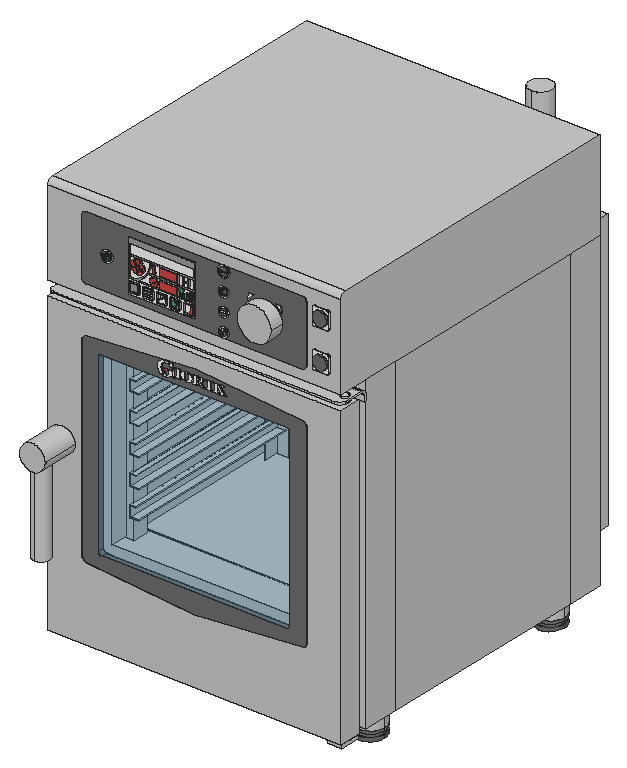
Revit family "QF_GIORIK_KH0623_KT0623_KP0623_KH0623W_KT0623W_KP0623W", category Specialty Equipment, Revit 2014
Parameters (values of type "KH0623")
  Weight in Pounds = 169.756
  Watts = 5700 W
  Waste Water Discharge Temperature = 0 °C
  Volts = 400 V
  URL Cutsheet = ""
  URL = "www.giorik.com"
  Show Legs [instance] = yes
  Plumbing Remarks [instance] = ""
  Plumbing Connection Type [instance] = ""
  Legs height [instance] = if(Show Legs, 55 mm, 0 mm)  # 55 mm
  Indirect Waste Size = 1 1/2"
  Indirect Waste Flow = 0.0 L/s
  Indirect Waste Connection Type [instance] = ""
  Indirect Waste Connection Height = 89 mm
  Digital control = no
  Touch screen control = not(Digital control)  # yes
  Status [instance] = ""
  Specification by User [instance] = ""
  Specification by Manufacturer = ""
  Serial Number = ""
  Seismic Rating = ""
  SMACNA No = ""
  Right Hinged Door [instance] = yes
  Revision Code [instance] = ""
  Phase = 3
  Number of Poles [instance] = 3
  Left Hinged Door [instance] = not(Right Hinged Door)  # no
  NAFEM Spec ID Number = ""
  Model = "KH0623"
  Min Ckt Ampacity = 0 A
  Max Overcurrent Protection = 20 A
  Masterspec = ""
  Manufacturer = "GIORIK"
  Show Logo [instance] = yes
  Show Clearance [instance] = yes
  Item Number [instance] = ""
  Installed By [instance] = ""
  Identify Quantity as Lot [instance] = no
  HP = "0"
  Furnished By [instance] = ""
  Foodservice Equipment Identifier [instance] = yes
  FL Amps = 0 A
  Electrical Remarks [instance] = ""
  Electric Connection Type [instance] = ""
  Elec Conn RI Height [instance] = 0 mm
  Elec Conn Connection Height [instance] = 649 mm
  Description = "ELECTRIC OVEN 6 GN 2/3 COMBINED CONVECTION/STEAM TOUCH SCREEN CONTROL - HIGH EFFICIENCY BOILER VERSION"
  Cycle = 50 Hz
  Conn Plug = ""
  Conn Conduit [instance] = no
  Cold Water Temperature Recommended = 0 °C
  Cold Water Size = 3/4"
  Cold Water RI Height [instance] = 0 mm
  Cold Water Minimum Pressure [instance] = 150.0 kPa
  Cold Water Maximum Pressure [instance] = 600.0 kPa
  Cold Water Flow [instance] = 0.0 L/s
  Cold Water Consumption [instance] = ""
  Cold Water Connection Height = 98 mm
  CSI MasterFormat = ""
  Assembly Code = "E1090320"
  Apparent Power = 5700 VA
Reference planes
  plane 1 "Back": y = 0
  plane 2: z = 0
  plane 3 "Left": x = 0
  plane 4 "Right": x = 519
  plane 5 "Front": y = -628
  plane 6 "Top": z = 770
  plane 7 "Legs height": z = 55
  plane 8 "Front oven": y = -573
Forms (mm)
  Extrusion 1, solid
    sketch origin (0, 0, 0) x (1, 0, 0) y (0, 0, 1)
      loop
        line (0, 55) -> (519, 55) -> (519, 610) -> (0, 610) -> (0, 55)
    from 120 to 508
  Extrusion 2, solid
    sketch origin (0, -628, 0) x (-1, 0, 0) y (0, 0, 1)
      loop
        line (-519, 585) -> (-519, 55) -> (0, 55) -> (0, 585) -> (-519, 585)
      loop
        line (-60, 195.46) -> (-60, 534.54)
        arc (-60, 534.54) -> (-62.377, 541.012) -> (-68.379, 544.407) r 10
        arc (-68.379, 544.407) -> (-259.5, 560) -> (-450.621, 544.407) r 1179.096
        arc (-450.621, 544.407) -> (-456.623, 541.012) -> (-459, 534.54) r 10
        line (-459, 534.54) -> (-459, 195.46)
        arc (-459, 195.46) -> (-456.623, 188.988) -> (-450.621, 185.593) r 10
        arc (-450.621, 185.593) -> (-259.5, 170) -> (-68.379, 185.593) r 1179.096
        arc (-68.379, 185.593) -> (-62.377, 188.988) -> (-60, 195.46) r 10
    from 0 to 40
  Extrusion 3, solid, visible <- "Right Hinged Door"
    sketch origin (-275, -628, 80) x (-1, 0, 0) y (0, 0, 1)
      loop
        circle (-300, 285) r 22.5
    from 0 to -65
  Extrusion 4, solid
    sketch origin (0, -628, 0) x (-1, 0, 0) y (0, 0, 1)
      loop
        line (-96, 525) -> (-423, 525)
        arc (-423, 525) -> (-427.243, 523.243) -> (-429, 519) r 6
        line (-429, 519) -> (-429, 211)
        arc (-429, 211) -> (-427.243, 206.757) -> (-423, 205) r 6
        line (-423, 205) -> (-96, 205)
        arc (-96, 205) -> (-91.757, 206.757) -> (-90, 211) r 6
        line (-90, 211) -> (-90, 519)
        arc (-90, 519) -> (-91.757, 523.243) -> (-96, 525) r 6
    from 0 to 10
  Extrusion 5, solid
    sketch origin (0, 0, 770) x (0, 1, 0) y (-1, 0, 0)
      loop
        line (-542, -70.5) -> (-530, -70.5) -> (-530, -69.5) -> (-543, -69.5) -> (-543, -85) -> (-516, -85) -> (-516, -84) -> (-542, -84) -> (-542, -70.5)
      loop
        line (-227, -105.5) -> (-227, -84) -> (-252, -84) -> (-252, -85) -> (-228, -85) -> (-228, -106.5) -> (-220, -106.5) -> (-220, -105.5) -> (-227, -105.5)
      loop
        line (-542, -448.5) -> (-542, -435) -> (-516, -435) -> (-516, -434) -> (-543, -434) -> (-543, -449.5) -> (-530, -449.5) -> (-530, -448.5) -> (-542, -448.5)
      loop
        line (-227, -413.5) -> (-220, -413.5) -> (-220, -412.5) -> (-228, -412.5) -> (-228, -434) -> (-252, -434) -> (-252, -435) -> (-227, -435) -> (-227, -413.5)
    from -211 to -581
  Extrusion 6, solid
    sketch origin (0, -573, 0) x (-1, 0, 0) y (0, 0, 1)
      loop
        line (-101, 231) -> (-101, 230) -> (-85, 230) -> (-85, 250) -> (-95, 250) -> (-95, 249) -> (-86, 249) -> (-86, 231) -> (-101, 231)
      loop
        line (-418, 231) -> (-433, 231) -> (-433, 249) -> (-424, 249) -> (-424, 250) -> (-434, 250) -> (-434, 230) -> (-418, 230) -> (-418, 231)
      loop
        line (-101, 281) -> (-101, 280) -> (-85, 280) -> (-85, 300) -> (-95, 300) -> (-95, 299) -> (-86, 299) -> (-86, 281) -> (-101, 281)
      loop
        line (-418, 281) -> (-433, 281) -> (-433, 299) -> (-424, 299) -> (-424, 300) -> (-434, 300) -> (-434, 280) -> (-418, 280) -> (-418, 281)
      loop
        line (-101, 331) -> (-101, 330) -> (-85, 330) -> (-85, 350) -> (-95, 350) -> (-95, 349) -> (-86, 349) -> (-86, 331) -> (-101, 331)
      loop
        line (-418, 331) -> (-433, 331) -> (-433, 349) -> (-424, 349) -> (-424, 350) -> (-434, 350) -> (-434, 330) -> (-418, 330) -> (-418, 331)
      loop
        line (-101, 381) -> (-101, 380) -> (-85, 380) -> (-85, 400) -> (-95, 400) -> (-95, 399) -> (-86, 399) -> (-86, 381) -> (-101, 381)
      loop
        line (-418, 381) -> (-433, 381) -> (-433, 399) -> (-424, 399) -> (-424, 400) -> (-434, 400) -> (-434, 380) -> (-418, 380) -> (-418, 381)
      loop
        line (-101, 431) -> (-101, 430) -> (-85, 430) -> (-85, 450) -> (-95, 450) -> (-95, 449) -> (-86, 449) -> (-86, 431) -> (-101, 431)
      loop
        line (-418, 431) -> (-433, 431) -> (-433, 449) -> (-424, 449) -> (-424, 450) -> (-434, 450) -> (-434, 430) -> (-418, 430) -> (-418, 431)
      loop
        line (-101, 481) -> (-101, 480) -> (-85, 480) -> (-85, 500) -> (-95, 500) -> (-95, 499) -> (-86, 499) -> (-86, 481) -> (-101, 481)
      loop
        line (-418, 481) -> (-433, 481) -> (-433, 499) -> (-424, 499) -> (-424, 500) -> (-434, 500) -> (-434, 480) -> (-418, 480) -> (-418, 481)
    from 20 to 345
  Extrusion 7, solid, visible <- "Show Clearance", detail levels coarse
    sketch origin (430, -505, 0) x (1, 0, 0) y (0, 1, 0)
      loop
        line (-430, -123) -> (-430, 505) -> (89, 505) -> (89, -123) -> (189, -123) -> (189, 605) -> (-530, 605) -> (-530, -123) -> (-430, -123)
    from 0 to 770
  Extrusion 8, solid, visible <- "Right Hinged Door", detail levels coarse
    sketch origin (0, 167, 55) x (0, 1, 0) y (-1, 0, 0)
      loop
        line (-795, -519) -> (-795, 0)
        arc (-795, 0) -> (-1150.31, -135.689) -> (-1314, -479) r 512
        line (-1314, -479) -> (-1314, -519) -> (-795, -519)
    from 0 to 530
  Extrusion 9, solid
    sketch origin (0, -628, 0) x (-1, 0, 0) y (0, 0, 1)
      loop
        arc (-450.621, 544.407) -> (-456.623, 541.012) -> (-459, 534.54) r 10
        line (-459, 534.54) -> (-459, 195.46)
        arc (-459, 195.46) -> (-456.623, 188.988) -> (-450.621, 185.593) r 10
        arc (-450.621, 185.593) -> (-259.5, 170) -> (-68.379, 185.593) r 1179.096
        arc (-68.379, 185.593) -> (-62.377, 188.988) -> (-60, 195.46) r 10
        line (-60, 195.46) -> (-60, 534.54)
        arc (-60, 534.54) -> (-62.377, 541.012) -> (-68.379, 544.407) r 10
        arc (-68.379, 544.407) -> (-259.5, 560) -> (-450.621, 544.407) r 1179.096
      loop
        arc (-90, 519) -> (-91.757, 523.243) -> (-96, 525) r 6
        line (-96, 525) -> (-423, 525)
        arc (-423, 525) -> (-427.243, 523.243) -> (-429, 519) r 6
        line (-429, 519) -> (-429, 211)
        arc (-429, 211) -> (-427.243, 206.757) -> (-423, 205) r 6
        line (-423, 205) -> (-96, 205)
        arc (-96, 205) -> (-91.757, 206.757) -> (-90, 211) r 6
        line (-90, 211) -> (-90, 519)
    from 0 to 10
  Extrusion 10, solid, visible <- "Right Hinged Door"
    sketch origin (-275, 167, 770) x (0, 1, 0) y (-1, 0, 0)
      loop
        circle (-841, -300) r 15
    from -570 to -405
  Extrusion 11, solid
    sketch origin (175, 182, 55) x (0, 1, 0) y (-1, 0, 0)
      loop
        circle (-203, -125) r 9.55
    from 60 to 34
  Extrusion 12, void
    sketch origin (-1000, 0, 0) x (1, 0, 0) y (0, 0, 1)
      loop
        line (1069.5, 559) -> (1069.5, 189) -> (1449.5, 189) -> (1449.5, 559) -> (1069.5, 559)
    from 208 to 573
  Extrusion 13, solid
    sketch origin (356.5, 0, -1) x (1, 0, 0) y (0, 0, 1)
      loop
        circle (80.5, 90) r 19.05
    from 45 to 55
  Extrusion 14, solid
    sketch origin (519, 167, -185) x (0, -1, 0) y (0, 0, 1)
      loop
        arc (748.5, 780.001) -> (742.49, 777.511) -> (740, 771.501) r 8.5
        line (740, 771.501) -> (740, 761) -> (743, 761) -> (743, 771.501)
        arc (743, 771.501) -> (744.611, 775.39) -> (748.5, 777.001) r 5.5
        line (748.5, 777.001) -> (748.5, 780.001)
    from 0 to 519
  Extrusion 15, solid
    sketch origin (0, 175, 770) x (0, 1, 0) y (-1, 0, 0)
      loop
        line (-756.5, 0) -> (-793, 0)
        arc (-793, 0) -> (-800.071, -2.929) -> (-803, -10) r 10
        line (-803, -10) -> (-803, -509)
        arc (-803, -509) -> (-800.071, -516.071) -> (-793, -519) r 10
        line (-793, -519) -> (-756.5, -519) -> (-756.5, 0)
    from -178 to -175
  Extrusion 16, solid, visible <- "Touch screen control"
    sketch origin (-500, -628, -40) x (-1, 0, 0) y (0, 0, 1)
      loop
        line (-604.2, 732.451) -> (-605.8, 732.451) -> (-605.8, 725) -> (-604.2, 725) -> (-604.2, 732.451)
      loop
        line (-606.5, 731.325) -> (-606.5, 729.77)
        arc (-606.5, 729.77) -> (-605, 720) -> (-603.5, 729.77) r 5
        line (-603.5, 729.77) -> (-603.5, 731.325)
        arc (-603.5, 731.325) -> (-605, 718.5) -> (-606.5, 731.325) r 6.5
      loop
        circle (-725.279, 691.84) r 4.5
      loop
        line (-758.755, 720.908) -> (-758.755, 707.352) -> (-756.151, 707.352) -> (-756.151, 720.908) -> (-758.755, 720.908)
      loop
        line (-754.755, 718.908) -> (-754.755, 707.352) -> (-752.151, 707.352) -> (-752.151, 718.908) -> (-754.755, 718.908)
      loop
        line (-750.755, 716.908) -> (-750.755, 707.352) -> (-748.151, 707.352) -> (-748.151, 716.908) -> (-750.755, 716.908)
      loop
        line (-746.755, 714.908) -> (-746.755, 707.352) -> (-744.151, 707.352) -> (-744.151, 714.908) -> (-746.755, 714.908)
      loop
        line (-742.755, 712.908) -> (-742.755, 707.352) -> (-740.151, 707.352) -> (-740.151, 712.908) -> (-742.755, 712.908)
      loop
        line (-738.755, 710.908) -> (-738.755, 707.352) -> (-736.151, 707.352) -> (-736.151, 710.908) -> (-738.755, 710.908)
      loop
        circle (-738.173, 718.223) r 4
    from 0 to -2
  Extrusion 17, solid, visible <- "Touch screen control"
    sketch origin (-500, -628, -35) x (-1, 0, 0) y (0, 0, 1)
      loop
        arc (-690.938, 726.13) -> (-689.438, 721.413) -> (-687.938, 726.13) r 2.597
        line (-687.938, 726.13) -> (-687.938, 733.989)
        arc (-687.938, 733.989) -> (-689.438, 735.489) -> (-690.938, 733.989) r 1.5
        line (-690.938, 733.989) -> (-690.938, 726.13)
      loop
        line (-700.102, 734.432) -> (-730.102, 734.432) -> (-730.102, 721.873) -> (-700.102, 721.873) -> (-700.102, 734.432)
      loop
        line (-700.102, 714.432) -> (-730.102, 714.432) -> (-730.102, 701.873) -> (-700.102, 701.873) -> (-700.102, 714.432)
      loop
        circle (-689.163, 708.706) r 7
      loop
        circle (-660.557, 722.463) r 2.5
      loop
        line (-659.449, 725.572) -> (-656.829, 731.19) -> (-658.704, 734.438)
        arc (-658.704, 734.438) -> (-664.206, 734.155) -> (-668.842, 731.18) r 10.731
        line (-668.842, 731.18) -> (-664.348, 731.18) -> (-661.824, 725.511)
        arc (-661.824, 725.511) -> (-660.642, 725.762) -> (-659.449, 725.572) r 3.3
      loop
        line (-663.171, 724.478) -> (-667.705, 728.706) -> (-671.373, 727.926)
        arc (-671.373, 727.926) -> (-672.804, 722.606) -> (-671.407, 717.277) r 10.731
        line (-671.407, 717.277) -> (-670.018, 721.551) -> (-663.846, 722.2)
        arc (-663.846, 722.2) -> (-663.721, 723.402) -> (-663.171, 724.478) r 3.3
      loop
        line (-657.258, 722.37) -> (-651.105, 721.615) -> (-648.595, 724.401)
        arc (-648.595, 724.401) -> (-650.565, 729.547) -> (-654.827, 733.037) r 10.731
        line (-654.827, 733.037) -> (-653.438, 728.762) -> (-658.05, 724.61)
        arc (-658.05, 724.61) -> (-657.445, 723.564) -> (-657.258, 722.37) r 3.3
      loop
        line (-663.28, 720.599) -> (-668.702, 717.594) -> (-669.094, 713.864)
        arc (-669.094, 713.864) -> (-664.477, 710.859) -> (-658.977, 710.541) r 10.731
        line (-658.977, 710.541) -> (-662.613, 713.183) -> (-661.323, 719.253)
        arc (-661.323, 719.253) -> (-662.427, 719.744) -> (-663.28, 720.599) r 3.3
      loop
        line (-659.626, 719.297) -> (-658.443, 713.212) -> (-655.017, 711.686)
        arc (-655.017, 711.686) -> (-650.732, 715.149) -> (-648.73, 720.282) r 10.731
        line (-648.73, 720.282) -> (-652.366, 717.64) -> (-657.741, 720.742)
        arc (-657.741, 720.742) -> (-658.549, 719.844) -> (-659.626, 719.297) r 3.3
      loop
        line (-687.655, 707.008) -> (-689.17, 708.279) -> (-684.047, 711.735) -> (-684.733, 712.752) -> (-690.148, 709.1) -> (-693.772, 712.14) -> (-694.56, 711.2) -> (-691.206, 708.386) -> (-692.349, 707.615) -> (-691.663, 706.598) -> (-690.228, 707.565) -> (-688.443, 706.068) -> (-687.655, 707.008)
      loop
        arc (-757.5, 684.717) -> (-756, 680) -> (-754.5, 684.717) r 2.597
        line (-754.5, 684.717) -> (-754.5, 692.576)
        arc (-754.5, 692.576) -> (-756, 694.076) -> (-757.5, 692.576) r 1.5
        line (-757.5, 692.576) -> (-757.5, 684.717)
    from 0 to -2
  Extrusion 18, solid, visible <- "Right Hinged Door"
    sketch origin (-341, 167, 55) x (0, 1, 0) y (-1, 0, 0)
      loop
        line (-791.5, -859) -> (-756.5, -859) -> (-744, -841) -> (-684, -841) -> (-684, -829)
        arc (-684, -829) -> (-692.752, -810) -> (-684, -791) r 25
        line (-684, -791) -> (-684, -781) -> (-738.5, -781) -> (-791.5, -834) -> (-791.5, -859)
    from -3 to -8
  Revolve 19, solid, visible <- "Right Hinged Door"
    sketch origin (-341, -606, -185) x (-1, 0, 0) y (0, 0, 1)
      loop
        line (-848.5, 785.401) -> (-848.5, 770) -> (-842.5, 770) -> (-842.5, 774.5) -> (-839, 774.5) -> (-839, 777) -> (-841.5, 777) -> (-841.5, 781.5) -> (-845, 785.401) -> (-848.5, 785.401)
      axis (-848.5, 785.401) -> (-848.5, 770)
    angle from 0 to 360
  Revolve 20, solid, visible <- "Right Hinged Door"
    sketch origin (-341, -606, 0) x (-1, 0, 0) y (0, 0, 1)
      loop
        line (-848.5, 41.599) -> (-845, 41.599) -> (-841.5, 45.5) -> (-841.5, 52.5) -> (-838, 52.5) -> (-838, 55) -> (-848.5, 55) -> (-848.5, 41.599)
      axis (-848.5, 41.599) -> (-848.5, 55)
    angle from 0 to 360
  Extrusion 21, solid, visible <- "Left Hinged Door"
    sketch origin (794, -628, 80) x (1, 0, 0) y (0, 0, -1)
      loop
        circle (-300, -285) r 22.5
    from 0 to -65
  Extrusion 22, solid, visible <- "Left Hinged Door", detail levels coarse
    sketch origin (1135, 167, 55) x (0, 1, 0) y (-1, 0, 0)
      loop
        line (-795, 1135) -> (-1314, 1135) -> (-1314, 1095)
        arc (-1314, 1095) -> (-1150.31, 751.689) -> (-795, 616) r 512
        line (-795, 616) -> (-795, 1135)
    from 0 to 530
  Extrusion 23, solid, visible <- "Left Hinged Door"
    sketch origin (794, 167, 770) x (0, 1, 0) y (-1, 0, 0)
      loop
        circle (-841, 300) r 15
    from -570 to -405
  Revolve 24, solid, visible <- "Left Hinged Door"
    sketch origin (860, -606, 0) x (1, 0, 0) y (0, 0, -1)
      loop
        line (-848.5, -41.599) -> (-848.5, -55) -> (-838, -55) -> (-838, -52.5) -> (-841.5, -52.5) -> (-841.5, -45.5) -> (-845, -41.599) -> (-848.5, -41.599)
      axis (-848.5, -41.599) -> (-848.5, -55)
    angle from 0 to 360
  Extrusion 25, solid, visible <- "Touch screen control"
    sketch origin (-500, -628, -50) x (-1, 0, 0) y (0, 0, 1)
      loop
        circle (-605, 735) r 10
      loop
        circle (-605, 735) r 8.5
      loop
        circle (-812, 783) r 10
      loop
        circle (-812, 783) r 8.5
      loop
        circle (-812, 751) r 8.5
      loop
        circle (-812, 751) r 7
      loop
        circle (-812, 719) r 8.5
      loop
        circle (-812, 719) r 7
      loop
        circle (-812, 687) r 8.5
      loop
        circle (-812, 687) r 7
      loop
        line (-645, 690) -> (-645, 780) -> (-761, 780) -> (-761, 690) -> (-645, 690)
      loop
        line (-818.5, 782.5) -> (-805.5, 782.5) -> (-805.5, 783.5) -> (-818.5, 783.5) -> (-818.5, 782.5)
      loop
        line (-854.895, 753.105) -> (-856.495, 764.486) -> (-865.962, 764.486)
        arc (-865.962, 764.486) -> (-859.858, 759.35) -> (-854.895, 753.105) r 40
      loop
        arc (-811, 687.209) -> (-812, 692) -> (-813, 687.209) r 2.5
        line (-813, 687.209) -> (-813, 684)
        arc (-813, 684) -> (-812, 683) -> (-811, 684) r 1
        line (-811, 684) -> (-811, 687.209)
      loop
        arc (-915.105, 753.105) -> (-910.142, 759.35) -> (-904.038, 764.486) r 40
        line (-904.038, 764.486) -> (-913.505, 764.486) -> (-915.105, 753.105)
      loop
        line (-807, 720.427) -> (-817, 720.427) -> (-817, 717.547) -> (-807, 717.547) -> (-807, 720.427)
      loop
        line (-815.767, 746.618) -> (-807.756, 746.618) -> (-807.756, 755.305) -> (-809.708, 755.305) -> (-809.708, 756.559) -> (-812.516, 754.805) -> (-809.708, 753.051) -> (-809.708, 754.305) -> (-808.756, 754.305) -> (-808.756, 747.618) -> (-815.767, 747.618) -> (-815.767, 746.618)
    from 0.5 to -1.5
  Extrusion 26, solid, visible <- "Touch screen control"
    sketch origin (-500, -628, -68) x (-1, 0, 0) y (0, 0, 1)
      loop
        line (-645, 798) -> (-761, 798) -> (-761, 788) -> (-761, 733) -> (-645, 733) -> (-645, 788) -> (-645, 798)
      loop
        line (-760, 788) -> (-760, 771.245) -> (-646, 771.245) -> (-646, 788) -> (-760, 788)
      loop
        line (-649, 729) -> (-661, 729)
        arc (-661, 729) -> (-663.121, 728.121) -> (-664, 726) r 3
        line (-664, 726) -> (-664, 714)
        arc (-664, 714) -> (-663.121, 711.879) -> (-661, 711) r 3
        line (-661, 711) -> (-649, 711)
        arc (-649, 711) -> (-646.879, 711.879) -> (-646, 714) r 3
        line (-646, 714) -> (-646, 726)
        arc (-646, 726) -> (-646.879, 728.121) -> (-649, 729) r 3
      loop
        line (-649, 728) -> (-661, 728)
        arc (-661, 728) -> (-662.414, 727.414) -> (-663, 726) r 2
        line (-663, 726) -> (-663, 714)
        arc (-663, 714) -> (-662.414, 712.586) -> (-661, 712) r 2
        line (-661, 712) -> (-649, 712)
        arc (-649, 712) -> (-647.586, 712.586) -> (-647, 714) r 2
        line (-647, 714) -> (-647, 726)
        arc (-647, 726) -> (-647.586, 727.414) -> (-649, 728) r 2
      loop
        line (-673, 729) -> (-685, 729)
        arc (-685, 729) -> (-687.121, 728.121) -> (-688, 726) r 3
        line (-688, 726) -> (-688, 714)
        arc (-688, 714) -> (-687.121, 711.879) -> (-685, 711) r 3
        line (-685, 711) -> (-673, 711)
        arc (-673, 711) -> (-670.879, 711.879) -> (-670, 714) r 3
        line (-670, 714) -> (-670, 726)
        arc (-670, 726) -> (-670.879, 728.121) -> (-673, 729) r 3
      loop
        line (-673, 728) -> (-685, 728)
        arc (-685, 728) -> (-686.414, 727.414) -> (-687, 726) r 2
        line (-687, 726) -> (-687, 714)
        arc (-687, 714) -> (-686.414, 712.586) -> (-685, 712) r 2
        line (-685, 712) -> (-673, 712)
        arc (-673, 712) -> (-671.586, 712.586) -> (-671, 714) r 2
        line (-671, 714) -> (-671, 726)
        arc (-671, 726) -> (-671.586, 727.414) -> (-673, 728) r 2
      loop
        line (-697, 729) -> (-709, 729)
        arc (-709, 729) -> (-711.121, 728.121) -> (-712, 726) r 3
        line (-712, 726) -> (-712, 714)
        arc (-712, 714) -> (-711.121, 711.879) -> (-709, 711) r 3
        line (-709, 711) -> (-697, 711)
        arc (-697, 711) -> (-694.879, 711.879) -> (-694, 714) r 3
        line (-694, 714) -> (-694, 726)
        arc (-694, 726) -> (-694.879, 728.121) -> (-697, 729) r 3
      loop
        line (-697, 728) -> (-709, 728)
        arc (-709, 728) -> (-710.414, 727.414) -> (-711, 726) r 2
        line (-711, 726) -> (-711, 714)
        arc (-711, 714) -> (-710.414, 712.586) -> (-709, 712) r 2
        line (-709, 712) -> (-697, 712)
        arc (-697, 712) -> (-695.586, 712.586) -> (-695, 714) r 2
        line (-695, 714) -> (-695, 726)
        arc (-695, 726) -> (-695.586, 727.414) -> (-697, 728) r 2
      loop
        line (-721, 729) -> (-733, 729)
        arc (-733, 729) -> (-735.121, 728.121) -> (-736, 726) r 3
        line (-736, 726) -> (-736, 714)
        arc (-736, 714) -> (-735.121, 711.879) -> (-733, 711) r 3
        line (-733, 711) -> (-721, 711)
        arc (-721, 711) -> (-718.879, 711.879) -> (-718, 714) r 3
        line (-718, 714) -> (-718, 726)
        arc (-718, 726) -> (-718.879, 728.121) -> (-721, 729) r 3
      loop
        line (-721, 728) -> (-733, 728)
        arc (-733, 728) -> (-734.414, 727.414) -> (-735, 726) r 2
        line (-735, 726) -> (-735, 714)
        arc (-735, 714) -> (-734.414, 712.586) -> (-733, 712) r 2
        line (-733, 712) -> (-721, 712)
        arc (-721, 712) -> (-719.586, 712.586) -> (-719, 714) r 2
        line (-719, 714) -> (-719, 726)
        arc (-719, 726) -> (-719.586, 727.414) -> (-721, 728) r 2
      loop
        line (-745, 729) -> (-757, 729)
        arc (-757, 729) -> (-759.121, 728.121) -> (-760, 726) r 3
        line (-760, 726) -> (-760, 714)
        arc (-760, 714) -> (-759.121, 711.879) -> (-757, 711) r 3
        line (-757, 711) -> (-745, 711)
        arc (-745, 711) -> (-742.879, 711.879) -> (-742, 714) r 3
        line (-742, 714) -> (-742, 726)
        arc (-742, 726) -> (-742.879, 728.121) -> (-745, 729) r 3
      loop
        line (-745, 728) -> (-757, 728)
        arc (-757, 728) -> (-758.414, 727.414) -> (-759, 726) r 2
        line (-759, 726) -> (-759, 714)
        arc (-759, 714) -> (-758.414, 712.586) -> (-757, 712) r 2
        line (-757, 712) -> (-745, 712)
        arc (-745, 712) -> (-743.586, 712.586) -> (-743, 714) r 2
        line (-743, 714) -> (-743, 726)
        arc (-743, 726) -> (-743.586, 727.414) -> (-745, 728) r 2
      loop
        line (-760, 734) -> (-732.283, 734) -> (-732.283, 751.245) -> (-760, 751.245) -> (-760, 734)
      loop
        line (-646, 734) -> (-646, 770.245) -> (-683.232, 770.245)
        arc (-683.232, 770.245) -> (-674.645, 747.082) -> (-653.689, 734) r 38.245
        line (-653.689, 734) -> (-646, 734)
      loop
        arc (-679.339, 752.245) -> (-682.871, 760.95) -> (-684.233, 770.245) r 39.245
        line (-684.233, 770.245) -> (-731.283, 770.245) -> (-731.283, 752.245) -> (-679.339, 752.245)
      loop
        line (-678.767, 751.245) -> (-731.283, 751.245) -> (-731.283, 734) -> (-657.369, 734)
        arc (-657.369, 734) -> (-669.627, 740.688) -> (-678.767, 751.245) r 39.245
      loop
        line (-760, 752.245) -> (-732.283, 752.245) -> (-732.283, 770.245) -> (-760, 770.245) -> (-760, 752.245)
      loop
        line (-697.094, 717.465) -> (-701.225, 721.596)
        arc (-701.225, 721.596) -> (-702.562, 724.46) -> (-705.585, 725.385) r 3.889
        line (-705.585, 725.385) -> (-708.039, 725.385)
        arc (-708.039, 725.385) -> (-709.54, 723.884) -> (-708.039, 722.384) r 1.501
        line (-708.039, 722.384) -> (-706.381, 722.384)
        arc (-706.381, 722.384) -> (-704.72, 720.777) -> (-702.444, 720.377) r 3.942
        line (-702.444, 720.377) -> (-698.312, 716.246)
        arc (-698.312, 716.246) -> (-697.094, 716.246) -> (-697.094, 717.465) r 0.862
      loop
        line (-683.054, 726.463) -> (-683.054, 723.694) -> (-671.81, 723.694) -> (-671.81, 726.463) -> (-683.054, 726.463)
      loop
        line (-683.054, 721.811) -> (-683.054, 719.042) -> (-671.81, 719.042) -> (-671.81, 721.811) -> (-683.054, 721.811)
      loop
        line (-683.054, 716.811) -> (-683.054, 714.042) -> (-671.81, 714.042) -> (-671.81, 716.811) -> (-683.054, 716.811)
      loop
        line (-649, 726) -> (-661, 726) -> (-661, 714) -> (-649, 714) -> (-649, 726)
      loop
        line (-754.5, 717.717) -> (-754.5, 725.576)
        arc (-754.5, 725.576) -> (-756, 727.076) -> (-757.5, 725.576) r 1.5
        line (-757.5, 725.576) -> (-757.5, 717.717)
        arc (-757.5, 717.717) -> (-756, 713) -> (-754.5, 717.717) r 2.597
      loop
        line (-731.081, 717.297) -> (-731.081, 723.597)
        arc (-731.081, 723.597) -> (-732.283, 724.8) -> (-733.486, 723.597) r 1.202
        line (-733.486, 723.597) -> (-733.486, 717.297)
        arc (-733.486, 717.297) -> (-732.283, 713.515) -> (-731.081, 717.297) r 2.082
      loop
        line (-742.163, 767.702) -> (-742.163, 762.021) -> (-750.12, 762.021) -> (-750.12, 767.702) -> (-751.74, 767.702) -> (-751.74, 754.74) -> (-750.12, 754.74) -> (-750.12, 760.421) -> (-742.163, 760.421) -> (-742.163, 754.74) -> (-740.543, 754.74) -> (-740.543, 767.702) -> (-742.163, 767.702)
    from 0 to -2
  Extrusion 27, solid, visible <- "Show Logo", detail levels medium+fine
    sketch origin (121.547, -628, 71.721) x (-1, 0, 0) y (0, 0, 1)
      loop
        line (-104.547, 478.962) -> (-115.547, 478.962) -> (-112.754, 476.618) -> (-112.754, 466.306) -> (-115.547, 463.962) -> (-104.547, 463.962) -> (-107.34, 466.306) -> (-107.34, 476.618) -> (-104.547, 478.962)
      loop
        line (-159.547, 478.962) -> (-170.547, 478.962) -> (-167.754, 476.618) -> (-167.754, 466.306) -> (-170.547, 463.962) -> (-159.547, 463.962) -> (-162.34, 466.306) -> (-162.34, 476.618) -> (-159.547, 478.962)
      loop
        line (-172.547, 478.962) -> (-183.547, 478.962) -> (-180.754, 476.618) -> (-180.754, 471.706) -> (-187.354, 477.244) -> (-184.9, 478.962) -> (-193.294, 478.962) -> (-189.303, 477.101) -> (-186.172, 473.97) -> (-192.777, 466.098) -> (-195.9, 464.962) -> (-195.9, 463.962) -> (-184.9, 463.962) -> (-186.151, 465.747) -> (-182.483, 470.625) -> (-180.754, 469.818) -> (-180.754, 466.306) -> (-183.547, 463.962) -> (-172.547, 463.962) -> (-175.34, 466.306) -> (-175.34, 476.618) -> (-172.547, 478.962)
      loop
        line (-100.387, 483.5) -> (-100.387, 473.865)
        arc (-100.387, 473.865) -> (-95.719, 478.282) -> (-89.875, 480.956) r 19.648
        arc (-89.875, 480.956) -> (-85.547, 480.774) -> (-82.114, 478.131) r 7.168
        arc (-82.114, 478.131) -> (-80.034, 471.5) -> (-82.114, 464.868) r 11.613
        arc (-82.114, 464.868) -> (-84.434, 462.581) -> (-87.423, 461.287) r 8.864
        arc (-87.423, 461.287) -> (-90.954, 461.508) -> (-93.801, 463.608) r 6.26
        line (-93.801, 463.608) -> (-93.801, 471.174) -> (-101.26, 471.174) -> (-101.26, 463.213) -> (-103.406, 461.068) -> (-98.753, 462.314)
        arc (-98.753, 462.314) -> (-96.873, 462.533) -> (-95.12, 461.821) r 3.816
        arc (-95.12, 461.821) -> (-86.651, 459.034) -> (-78.183, 461.821) r 14.26
        arc (-78.183, 461.821) -> (-73.396, 471.305) -> (-78.183, 480.788) r 11.787
        arc (-78.183, 480.788) -> (-86.838, 483.637) -> (-95.494, 480.788) r 14.575
        line (-95.494, 480.788) -> (-100.387, 483.5)
      loop
        arc (-117.299, 476.157) -> (-125.457, 479.293) -> (-133.615, 476.157) r 12.178
        arc (-133.615, 476.157) -> (-135.675, 471.524) -> (-133.615, 466.891) r 6.24
        arc (-133.615, 466.891) -> (-125.457, 463.755) -> (-117.299, 466.891) r 12.178
        arc (-117.299, 466.891) -> (-115.239, 471.524) -> (-117.299, 476.157) r 6.24
      loop
        arc (-121.457, 474.117) -> (-125.457, 478.117) -> (-129.457, 474.117) r 4
        line (-129.457, 474.117) -> (-129.457, 468.931)
        arc (-129.457, 468.931) -> (-125.457, 464.931) -> (-121.457, 468.931) r 4
        line (-121.457, 468.931) -> (-121.457, 474.117)
      loop
        arc (-150.534, 478.971) -> (-154.557, 474.947) -> (-150.534, 470.923) r 4.024
        line (-150.534, 470.923) -> (-154.412, 465.423) -> (-157.545, 463.962) -> (-149.901, 463.962) -> (-147.062, 470.05) -> (-143.519, 470.05) -> (-143.519, 466.008) -> (-146.441, 463.962) -> (-135.402, 463.962) -> (-137.953, 465.881) -> (-137.953, 476.677) -> (-135.669, 478.971) -> (-150.534, 478.971)
      loop
        line (-143.519, 477.926) -> (-147.194, 477.926)
        arc (-147.194, 477.926) -> (-150.379, 474.741) -> (-147.194, 471.556) r 3.185
        line (-147.194, 471.556) -> (-143.519, 471.556) -> (-143.519, 477.926)
    from 1 to -1
  Extrusion 28, solid, visible <- "Show Logo", detail levels medium+fine
    sketch origin (119.547, -628, 71.721) x (-1, 0, 0) y (0, 0, 1)
      loop
        line (-83.301, 471.174) -> (-95.301, 471.174) -> (-89.301, 466.174) -> (-83.301, 471.174)
    from 1 to -1
  Extrusion 29, solid, visible <- "Show Legs"
    sketch origin (-10, -30, 0) x (1, 0, 0) y (0, 1, 0)
      loop
        circle (60, -72) r 25
    from 0 to 6
  Extrusion 30, solid, visible <- "Show Legs"
    sketch origin (-10, -30, 0) x (1, 0, 0) y (0, 1, 0)
      loop
        circle (60, -72) r 25
    from 17 to 55
  Extrusion 31, solid, visible <- "Show Legs"
    sketch origin (409, -30, 0) x (1, 0, 0) y (0, 1, 0)
      loop
        circle (60, -72) r 25
    from 0 to 6
  Extrusion 32, solid, visible <- "Show Legs"
    sketch origin (409, -30, 0) x (1, 0, 0) y (0, 1, 0)
      loop
        circle (60, -72) r 25
    from 17 to 55
  Extrusion 33, solid, visible <- "Show Legs"
    sketch origin (-10, -421, 0) x (1, 0, 0) y (0, 1, 0)
      loop
        circle (60, -79) r 25
    from 0 to 6
  Extrusion 34, solid, visible <- "Show Legs"
    sketch origin (-10, -421, 0) x (1, 0, 0) y (0, 1, 0)
      loop
        circle (60, -79) r 25
    from 17 to 55
  Extrusion 35, solid, visible <- "Show Legs"
    sketch origin (409, -421, 0) x (1, 0, 0) y (0, 1, 0)
      loop
        circle (60, -79) r 25
    from 0 to 6
  Extrusion 36, solid, visible <- "Show Legs"
    sketch origin (409, -421, 0) x (1, 0, 0) y (0, 1, 0)
      loop
        circle (60, -79) r 25
    from 17 to 55
  Extrusion 37, solid, visible <- "Show Legs"
    sketch origin (-10, -30, 0) x (1, 0, 0) y (0, 1, 0)
      loop
        circle (60, -72) r 23
    from 6 to 12
  Extrusion 38, solid, visible <- "Show Legs"
    sketch origin (409, -30, 0) x (1, 0, 0) y (0, 1, 0)
      loop
        circle (60, -72) r 23
    from 6 to 12
  Extrusion 39, solid, visible <- "Show Legs"
    sketch origin (-10, -421, 0) x (1, 0, 0) y (0, 1, 0)
      loop
        circle (60, -79) r 23
    from 6 to 12
  Extrusion 40, solid, visible <- "Show Legs"
    sketch origin (409, -421, 0) x (1, 0, 0) y (0, 1, 0)
      loop
        circle (60, -79) r 23
    from 6 to 12
  Extrusion 41, solid, visible <- "Show Legs"
    sketch origin (-10, -30, 0) x (1, 0, 0) y (0, 1, 0)
      loop
        circle (60, -72) r 25
    from 12 to 17
  Extrusion 42, solid, visible <- "Show Legs"
    sketch origin (409, -30, 0) x (1, 0, 0) y (0, 1, 0)
      loop
        circle (60, -72) r 25
    from 12 to 17
  Extrusion 43, solid, visible <- "Show Legs"
    sketch origin (-10, -421, 0) x (1, 0, 0) y (0, 1, 0)
      loop
        circle (60, -79) r 25
    from 12 to 17
  Extrusion 44, solid, visible <- "Show Legs"
    sketch origin (409, -421, 0) x (1, 0, 0) y (0, 1, 0)
      loop
        circle (60, -79) r 25
    from 12 to 17
  Extrusion 45, solid
    sketch origin (0, 0, 0) x (1, 0, 0) y (0, 0, 1)
      loop
        line (0, 55) -> (519, 55) -> (519, 610) -> (0, 610) -> (0, 55)
    from 55 to 120
  Extrusion 46, solid
    sketch origin (0, -628, 0) x (-1, 0, 0) y (0, 0, 1)
      loop
        arc (-60, 732.754) -> (-62.664, 739.55) -> (-69.236, 742.725) r 10
        arc (-69.236, 742.725) -> (-259.5, 750) -> (-449.764, 742.725) r 2491.516
        arc (-449.764, 742.725) -> (-456.336, 739.55) -> (-459, 732.754) r 10
        line (-459, 732.754) -> (-459, 637.246)
        arc (-459, 637.246) -> (-456.336, 630.45) -> (-449.764, 627.275) r 10
        arc (-449.764, 627.275) -> (-259.5, 620) -> (-69.236, 627.275) r 2491.516
        arc (-69.236, 627.275) -> (-62.664, 630.45) -> (-60, 637.246) r 10
        line (-60, 637.246) -> (-60, 732.754)
    from -0.5 to 2
  Extrusion 47, solid
    sketch origin (0, 0, 0) x (1, 0, 0) y (0, 0, 1)
      loop
        line (30, 115) -> (489, 115) -> (489, 610) -> (30, 610) -> (30, 115)
    from 0 to 55
  Extrusion 48, solid
    sketch origin (0, 0, 0) x (0, 1, 0) y (0, 0, 1)
      loop
        line (-55, 770) -> (-618, 770)
        arc (-618, 770) -> (-625.042, 767.042) -> (-628, 760) r 10.1
        line (-628, 760) -> (-628, 610) -> (-55, 610) -> (-55, 770)
    from 0 to 519
  Revolve 49, solid, visible <- "Left Hinged Door"
    sketch origin (860, -606, -185) x (1, 0, 0) y (0, 0, -1)
      loop
        line (-848.5, -785.401) -> (-845, -785.401) -> (-841.5, -781.5) -> (-841.5, -777) -> (-839, -777) -> (-839, -774.5) -> (-842.5, -774.5) -> (-842.5, -770) -> (-848.5, -770) -> (-848.5, -785.401)
      axis (-848.5, -785.401) -> (-848.5, -770)
    angle from 0 to 360
  Extrusion 50, solid, visible <- "Right Hinged Door"
    sketch origin (0, 175, 55) x (0, 1, 0) y (-1, 0, 0)
      loop
        circle (-712, -492) r 6
      loop
        circle (-700, -448) r 6
      loop
        circle (-725, -448) r 6
    from 0 to -12
  Extrusion 51, solid, visible <- "Left Hinged Door"
    sketch origin (860, 167, 55) x (0, 1, 0) y (-1, 0, 0)
      loop
        line (-791.5, 859) -> (-791.5, 834) -> (-738.5, 781) -> (-684, 781) -> (-684, 791)
        arc (-684, 791) -> (-692.752, 810) -> (-684, 829) r 25
        line (-684, 829) -> (-684, 841) -> (-744, 841) -> (-756.5, 859) -> (-791.5, 859)
    from -3 to -8
  Extrusion 52, solid, visible <- "Left Hinged Door"
    sketch origin (519, 175, 55) x (0, 1, 0) y (-1, 0, 0)
      loop
        circle (-712, 492) r 6
      loop
        circle (-700, 448) r 6
      loop
        circle (-725, 448) r 6
    from 0 to -12
  Extrusion 53, solid, visible <- "Touch screen control"
    sketch origin (0, -628, 0) x (-1, 0, 0) y (0, 0, 1)
      loop
        circle (-385, 685) r 30
    from 0 to -23.806
  Extrusion 54, solid
    sketch origin (-63.25, -600, 726.5) x (0, 0, 1) y (-1, 0, 0)
      loop
        line (-93.521, -112.5) -> (-77.5, -121.75) -> (-61.479, -112.5) -> (-61.479, -94) -> (-77.5, -84.75) -> (-93.521, -94) -> (-93.521, -112.5)
    from -568 to -558
  Extrusion 55, solid
    sketch origin (0, 0, 0) x (1, 0, 0) y (0, 0, 1)
      loop
        circle (40, 649) r 15
    from 55 to 42
  Extrusion 56, solid
    sketch origin (-63.25, -600, 726.5) x (0, 0, 1) y (-1, 0, 0)
      loop
        line (-93.521, -112.5) -> (-77.5, -121.75) -> (-61.479, -112.5) -> (-61.479, -94) -> (-77.5, -84.75) -> (-93.521, -94) -> (-93.521, -112.5)
    from -550 to -545
  Revolve 57, solid
    sketch origin (40, 291, 726.5) x (0, 0, 1) y (0, -1, 0)
      loop
        line (-77.5, 323) -> (-77.5, 315) -> (-66.5, 315)
        arc (-66.5, 315) -> (-62.868, 318.292) -> (-61.5, 323) r 9
        line (-61.5, 323) -> (-77.5, 323)
      axis (-77.5, 315) -> (-77.5, 323)
    angle from 0 to 360
  Extrusion 58, solid
    sketch origin (519, 0, 0) x (0, -1, 0) y (0, 0, 1)
      loop
        arc (55, 707) -> (53.536, 710.536) -> (50, 712) r 5
        line (50, 712) -> (45, 712) -> (45, 710) -> (50, 710)
        arc (50, 710) -> (52.121, 709.121) -> (53, 707) r 3
        line (53, 707) -> (53, 700) -> (43, 700) -> (43, 620) -> (55, 620) -> (55, 707)
    from 25 to 225
  Blend 59, solid
    base sketch origin (0, 0, 770) x (0, 1, 0) y (-1, 0, 0)
      loop
        circle (-27, -392) r 25
    top sketch origin (0, 0, 770) x (0, 1, 0) y (-1, 0, 0)
      loop
        circle (-27, -392) r 20
    from -160 to -152
  Extrusion 60, solid
    sketch origin (0, 0, 770) x (0, 1, 0) y (-1, 0, 0)
      loop
        circle (-27, -392) r 20
    from -152 to 22
  Extrusion 61, solid
    sketch origin (0, -573, 0) x (-1, 0, 0) y (0, 0, 1)
      loop
        line (0, 55) -> (0, 610) -> (-519, 610) -> (-519, 55) -> (0, 55)
      loop
        line (-69.5, 559) -> (-435, 559) -> (-435, 189) -> (-69.5, 189) -> (-69.5, 559)
    from 0 to 65
  Extrusion 62, solid
    sketch origin (0, -573, 0) x (-1, 0, 0) y (0, 0, 1)
      loop
        line (-504.063, 570) -> (-504.063, 70) -> (-14.937, 70) -> (-14.937, 570) -> (-504.063, 570)
      loop
        line (-29.937, 555) -> (-489.063, 555) -> (-489.063, 85) -> (-29.937, 85) -> (-29.937, 555)
    from 0 to -15
  Extrusion 63, solid
    sketch origin (0, -628, 1) x (-1, 0, 0) y (0, 0, 1)
      loop
        arc (-496, 735) -> (-498.121, 734.121) -> (-499, 732) r 3
        line (-499, 732) -> (-499, 706)
        arc (-499, 706) -> (-498.121, 703.879) -> (-496, 703) r 3
        line (-496, 703) -> (-474, 703)
        arc (-474, 703) -> (-471.879, 703.879) -> (-471, 706) r 3
        line (-471, 706) -> (-471, 732)
        arc (-471, 732) -> (-471.879, 734.121) -> (-474, 735) r 3
        line (-474, 735) -> (-496, 735)
    from 0 to -2
  Extrusion 64, solid
    sketch origin (0, -628, 1) x (-1, 0, 0) y (0, 0, 1)
      loop
        circle (-485, 719) r 12.5
    from -2 to -5
  Extrusion 65, solid
    sketch origin (0, -628, -69) x (-1, 0, 0) y (0, 0, 1)
      loop
        arc (-496, 735) -> (-498.121, 734.121) -> (-499, 732) r 3
        line (-499, 732) -> (-499, 706)
        arc (-499, 706) -> (-498.121, 703.879) -> (-496, 703) r 3
        line (-496, 703) -> (-474, 703)
        arc (-474, 703) -> (-471.879, 703.879) -> (-471, 706) r 3
        line (-471, 706) -> (-471, 732)
        arc (-471, 732) -> (-471.879, 734.121) -> (-474, 735) r 3
        line (-474, 735) -> (-496, 735)
    from 0 to -2
  Extrusion 66, solid
    sketch origin (0, -628, -69) x (-1, 0, 0) y (0, 0, 1)
      loop
        circle (-485, 719) r 12.5
    from -2 to -5
  Extrusion 67, solid, visible <- "Digital control"
    sketch origin (-530, -628, -35) x (-1, 0, 0) y (0, 0, 1)
      loop
        circle (-605, 735) r 10
      loop
        circle (-605, 735) r 8.5
      loop
        line (-604.2, 742.451) -> (-605.8, 742.451) -> (-605.8, 735) -> (-604.2, 735) -> (-604.2, 742.451)
      loop
        line (-606.5, 741.325) -> (-606.5, 739.77)
        arc (-606.5, 739.77) -> (-605, 730) -> (-603.5, 739.77) r 5
        line (-603.5, 739.77) -> (-603.5, 741.325)
        arc (-603.5, 741.325) -> (-605, 728.5) -> (-606.5, 741.325) r 6.5
      loop
        line (-628, 727) -> (-628, 743) -> (-673, 743) -> (-673, 727) -> (-628, 727)
      loop
        line (-688, 727) -> (-688, 743) -> (-733, 743) -> (-733, 727) -> (-688, 727)
      loop
        line (-748, 727) -> (-748, 743) -> (-798, 743) -> (-798, 727) -> (-748, 727)
      loop
        line (-808, 727) -> (-808, 743) -> (-858, 743) -> (-858, 727) -> (-808, 727)
    from 0.5 to -1.5
  Extrusion 68, solid, visible <- "Digital control"
    sketch origin (39, -628, 0) x (-1, 0, 0) y (0, 0, 1)
      loop
        circle (-385, 685) r 30
    from 0 to -23.806
  Extrusion 69, solid, visible <- "Digital control"
    sketch origin (-530, -628, -65) x (-1, 0, 0) y (0, 0, 1)
      loop
        circle (-605, 735) r 9
      loop
        circle (-605, 735) r 5
      loop
        circle (-605, 735) r 8
      loop
        circle (-635.5, 735) r 9
      loop
        circle (-635.5, 735) r 8
      loop
        circle (-666, 735) r 9
      loop
        circle (-666, 735) r 8
      loop
        circle (-696.5, 735) r 9
      loop
        circle (-696.5, 735) r 8
      loop
        circle (-727, 735) r 9
      loop
        circle (-727, 735) r 8
      loop
        circle (-757.5, 735) r 9
      loop
        circle (-757.5, 735) r 8
      loop
        circle (-788.5, 735) r 9
      loop
        circle (-788.5, 735) r 8
      loop
        circle (-819, 735) r 9
      loop
        circle (-819, 735) r 8
      loop
        circle (-849.5, 735) r 9
      loop
        circle (-849.5, 735) r 8
      loop
        circle (-880.5, 735) r 9
      loop
        circle (-880.5, 735) r 8
      loop
        circle (-911, 735) r 9
      loop
        circle (-911, 735) r 8
      loop
        circle (-880.5, 765) r 9
      loop
        circle (-880.5, 765) r 8
      loop
        circle (-911, 765) r 9
      loop
        circle (-911, 765) r 8
      loop
        circle (-757.5, 735) r 5
      loop
        line (-633.793, 739.504) -> (-640.151, 739.504) -> (-639.707, 737.845) -> (-637.396, 737.845) -> (-636.114, 731.251) -> (-634.614, 731.251) -> (-630.114, 731.251) -> (-633.153, 737.118) -> (-635.079, 733.644) -> (-635.896, 737.845) -> (-633.348, 737.845) -> (-633.793, 739.504)
      loop
        arc (-667.2, 733.193) -> (-666, 728.5) -> (-664.8, 733.193) r 2.5
        line (-664.8, 733.193) -> (-664.8, 739)
        arc (-664.8, 739) -> (-666, 740.2) -> (-667.2, 739) r 1.2
        line (-667.2, 739) -> (-667.2, 733.193)
      loop
        line (-788.5, 741.071) -> (-792.038, 734.367)
        arc (-792.038, 734.367) -> (-788.5, 728.5) -> (-784.962, 734.367) r 4
        line (-784.962, 734.367) -> (-788.5, 741.071)
      loop
        line (-723.189, 737.612) -> (-726.907, 735.378) -> (-731.007, 738.941) -> (-731.743, 738.095) -> (-727.918, 734.77) -> (-729.502, 733.819) -> (-728.924, 732.857) -> (-727.028, 733.996) -> (-725.807, 732.935) -> (-725.072, 733.782) -> (-726.017, 734.604) -> (-722.611, 736.651) -> (-723.189, 737.612)
      loop
        line (-631.265, 731.951) -> (-633.174, 735.637) -> (-634.927, 732.862) -> (-634.75, 731.951) -> (-631.265, 731.951)
      loop
        line (-690.307, 731.732) -> (-694.438, 735.864)
        arc (-694.438, 735.864) -> (-695.775, 738.728) -> (-698.797, 739.653) r 3.889
        line (-698.797, 739.653) -> (-701.252, 739.653)
        arc (-701.252, 739.653) -> (-702.753, 738.152) -> (-701.252, 736.651) r 1.501
        line (-701.252, 736.651) -> (-699.594, 736.651)
        arc (-699.594, 736.651) -> (-697.933, 735.045) -> (-695.657, 734.645) r 3.942
        line (-695.657, 734.645) -> (-691.525, 730.514)
        arc (-691.525, 730.514) -> (-690.307, 730.514) -> (-690.307, 731.732) r 0.862
      loop
        line (-884.582, 729.962) -> (-876.57, 729.962) -> (-876.57, 738.649) -> (-878.523, 738.649) -> (-878.523, 739.903) -> (-881.33, 738.149) -> (-878.523, 736.395) -> (-878.523, 737.649) -> (-877.57, 737.649) -> (-877.57, 730.962) -> (-884.582, 730.962) -> (-884.582, 729.962)
      loop
        arc (-909.723, 764.779) -> (-910.834, 770.103) -> (-911.945, 764.779) r 2.778
        line (-911.945, 764.779) -> (-911.945, 761.214)
        arc (-911.945, 761.214) -> (-910.834, 760.103) -> (-909.723, 761.214) r 1.111
        line (-909.723, 761.214) -> (-909.723, 764.779)
      loop
        line (-876.101, 770.074) -> (-877.161, 770.074) -> (-877.161, 760.572) -> (-876.101, 760.572) -> (-876.101, 770.074)
      loop
        line (-884.899, 770.074) -> (-884.899, 760.572) -> (-883.839, 760.572) -> (-883.839, 770.074) -> (-884.899, 770.074)
      loop
        line (-877.635, 763.747) -> (-883.51, 769.623) -> (-883.51, 767.751) -> (-877.635, 761.876) -> (-877.635, 763.747)
      loop
        line (-905.732, 735.416) -> (-916.526, 735.416) -> (-916.526, 734.324) -> (-905.732, 734.324) -> (-905.732, 735.416)
      loop
        line (-906.659, 739.456) -> (-915.665, 739.456) -> (-915.665, 736.807) -> (-906.659, 736.807) -> (-906.659, 739.456)
      loop
        line (-906.659, 730.544) -> (-906.659, 733.193) -> (-915.665, 733.193) -> (-915.665, 730.544) -> (-906.659, 730.544)
      loop
        arc (-843.535, 737.254) -> (-845.64, 738.328) -> (-847.887, 737.599) r 3.087
        arc (-847.887, 737.599) -> (-849.852, 739.804) -> (-852.778, 740.2) r 4.257
        line (-852.778, 740.2) -> (-855.4, 734.311)
        arc (-855.4, 734.311) -> (-852.473, 733.915) -> (-850.509, 731.711) r 4.257
        arc (-850.509, 731.711) -> (-848.261, 732.439) -> (-846.157, 731.365) r 3.087
        line (-846.157, 731.365) -> (-843.535, 737.254)
      loop
        line (-821.738, 733.949) -> (-822.859, 733.949)
        arc (-822.859, 733.949) -> (-815, 734.997) -> (-822.858, 736.056) r 4
        line (-822.858, 736.056) -> (-821.828, 735.775)
        arc (-821.828, 735.775) -> (-816.071, 735.146) -> (-821.738, 733.949) r 2.932
    from 0.5 to -1.5
Cuts and joins
  Extrusion 12 cuts Extrusion 1
Lines and regions (mm)
  symbolic lines, style "QF_Clearances", visible <- "Show Clearance", detail levels coarse
    curve 1: line (-100, -628, 1115) -> (-100, 100, 1115)
    curve 2: line (-100, 100, 1115) -> (619, 100, 1115)
    curve 3: line (619, 100, 1115) -> (619, -628, 1115)
  symbolic lines, style "200-EquipBorder-2D"
    curve 4: line (30, 0, 0) -> (489, 0, 0)
    curve 5: line (519, -55, 0) -> (519, -628, 0)
    curve 6: line (0, -55, 0) -> (0, -628, 0)
    curve 19: line (519, -628, 770) -> (0, -628, 770)
    curve 23: line (30, 0, 770) -> (30, -24, 770)
    curve 24: line (489, 0, 770) -> (489, -43, 770)
    curve 25: line (519, -55, 770) -> (0, -55, 770)
    curve 26: line (21.5, -32, 770) -> (58.5, -32, 770)
    curve 27: line (21.5, -42, 770) -> (21.5, -32, 770)
    curve 28: line (58.5, -42, 770) -> (21.5, -42, 770)
    curve 29: line (58.5, -32, 770) -> (58.5, -42, 770)
    curve 30: line (29, -24, 770) -> (51, -24, 770)
    curve 31: line (21.5, -50, 770) -> (58.5, -50, 770)
    curve 32: line (58.5, -50, 770) -> (58.5, -55, 770)
    curve 33: line (21.5, -50, 770) -> (21.5, -55, 770)
    curve 34: arc (51, -24, 770) -> (54.597, -27.314, 770) -> (55.999, -32, 770) r 9.24
    curve 35: arc (29, -24, 770) -> (25.403, -27.314, 770) -> (24.001, -32, 770) r 9.24
    curve 36: line (25, -42, 770) -> (25, -50, 770)
    curve 37: line (55, -42, 770) -> (55, -50, 770)
    curve 38: line (494, -55, 770) -> (494, -43, 770)
    curve 39: line (494, -43, 770) -> (404, -43, 770)
    curve 40: line (294, -43, 770) -> (294, -55, 770)
    curve 41: circle (392, -27, 770) r 20 normal (0, 0, 1)
    curve 42: line (380, -43, 770) -> (294, -43, 770)
    curve 43: arc (411.209, -43, 770) -> (392, -2, 770) -> (372.791, -43, 770) r 25
  symbolic lines, style "QF_Door-Drawer Clearances", visible <- "Right Hinged Door", detail levels coarse
    curve 7: line (519, -628, 0) -> (519, -1147, 0)
    curve 8: line (519, -1147, 0) -> (479, -1147, 0)
    curve 17: arc (479, -1147, 770) -> (135.689, -983.31, 770) -> (0, -628, 770) r 512
  symbolic lines, style "200-EquipBorder-2D", visible <- "Right Hinged Door"
    curve 9: line (2.5, -693, 0) -> (2.5, -628, 0)
    curve 10: line (2.5, -693, 0) -> (47.5, -693, 0)
    curve 11: line (47.5, -693, 0) -> (47.5, -628, 0)
  symbolic lines, style "QF_Door-Drawer Clearances", visible <- "Left Hinged Door", detail levels coarse
    curve 12: line (0, -628, 0) -> (0, -1147, 0)
    curve 13: line (0, -1147, 0) -> (40, -1147, 0)
    curve 18: arc (40, -1147, 770) -> (383.311, -983.31, 770) -> (519, -628, 770) r 512
  symbolic lines, style "200-EquipBorder-2D", visible <- "Left Hinged Door"
    curve 14: line (516.5, -693, 0) -> (516.5, -628, 0)
    curve 15: line (516.5, -693, 0) -> (471.5, -693, 0)
    curve 16: line (471.5, -693, 0) -> (471.5, -628, 0)
  symbolic lines, style "200-EquipBorder-2D", visible <- "Touch screen control"
    curve 20: line (355, -651.806, 770) -> (415, -651.806, 770)
    curve 21: line (415, -651.806, 770) -> (415, -628, 770)
    curve 22: line (355, -651.806, 770) -> (355, -628, 770)
  symbolic lines, style "200-EquipBorder-2D", visible <- "Digital control"
    curve 44: line (454, -651.806, 770) -> (394, -651.806, 770)
    curve 45: line (394, -651.806, 770) -> (394, -628, 770)
    curve 46: line (454, -651.806, 770) -> (454, -628, 770)
Dimensions and locks
  plane 3 "Left" to plane 4 "Right" = 519 mm
  plane 5 "Front" to plane 1 "Back" = 628 mm
  locked: plane 8 "Front oven" to plane 5 "Front" at 55
  "Legs height": plane 7 "Legs height" to plane 2
  locked: plane 6 "Top" to plane 7 "Legs height" at 715
  aligned and locked: level to plane 2
  aligned and locked: plane 6 "Top" to Extrusion 7
  aligned and locked: Extrusion 48 to plane 4 "Right"
Automatic sketch dimensions
  Extrusion 7 to Extrusion 7 = 0 mm  (x5)
  level to level = 0 mm  (x4)
  level to Extrusion 7 = 0 mm  (x2)
  plane 3 "Left" to Extrusion 3 sketch curve = 25 mm
  plane 7 "Legs height" to Extrusion 3 sketch curve = 310 mm
  Extrusion 10 sketch curve to plane 5 "Front" = 46 mm
  plane 3 "Left" to Extrusion 10 sketch curve = 25 mm
  plane 7 "Legs height" to Extrusion 13 sketch curve = 34 mm
  plane 3 "Left" to Extrusion 13 sketch curve = 437 mm
  Extrusion 22 sketch curve to plane 3 "Left" = 0 mm
  Extrusion 22 sketch curve to plane 5 "Front" = 0 mm
  plane 5 "Front" to Extrusion 22 sketch curve = 8.06 mm
  Extrusion 22 sketch curve to Extrusion 22 sketch curve = 510.94 mm
  Extrusion 22 sketch curve to plane 3 "Left" = 7.063 mm
  Extrusion 22 sketch curve to plane 3 "Left" = 40 mm
  Revolve 24 sketch curve to plane 7 "Legs height" = 0 mm  (x2)
  plane 3 "Left" to Revolve 24 sketch curve = 11.5 mm
  Revolve 24 sketch curve to Revolve 24 sketch curve = 3.5 mm  (x3)
  Revolve 24 sketch curve to Revolve 24 sketch curve = 2.5 mm
  Revolve 24 sketch curve to Revolve 24 sketch curve = 7 mm
  Revolve 24 sketch curve to Revolve 24 sketch curve = 3.901 mm
  Revolve 24 sketch curve to Revolve 24 sketch curve = 0 mm  (x2)
  plane 3 "Left" to Extrusion 29 sketch curve = 50 mm
  plane 1 "Back" to Extrusion 29 sketch curve = 102 mm
  plane 3 "Left" to Extrusion 30 sketch curve = 50 mm
  plane 1 "Back" to Extrusion 30 sketch curve = 102 mm
  plane 3 "Left" to Extrusion 33 sketch curve = 50 mm
  plane 8 "Front oven" to Extrusion 33 sketch curve = 73 mm
  plane 3 "Left" to Extrusion 34 sketch curve = 50 mm
  plane 8 "Front oven" to Extrusion 34 sketch curve = 73 mm
  plane 3 "Left" to Extrusion 37 sketch curve = 50 mm
  plane 1 "Back" to Extrusion 37 sketch curve = 102 mm
  plane 3 "Left" to Extrusion 39 sketch curve = 50 mm
  plane 8 "Front oven" to Extrusion 39 sketch curve = 73 mm
  plane 3 "Left" to Extrusion 41 sketch curve = 50 mm
  plane 1 "Back" to Extrusion 41 sketch curve = 102 mm
  plane 3 "Left" to Extrusion 43 sketch curve = 50 mm
  plane 8 "Front oven" to Extrusion 43 sketch curve = 73 mm
  Extrusion 51 sketch curve to plane 3 "Left" = 1 mm
  Extrusion 51 sketch curve to plane 5 "Front" = 3.5 mm
  plane 8 "Front oven" to Extrusion 51 sketch curve = 16.5 mm
  plane 8 "Front oven" to Extrusion 51 sketch curve = 4 mm
  Extrusion 51 sketch curve to plane 8 "Front oven" = 1.5 mm
  Extrusion 51 sketch curve to plane 8 "Front oven" = 56 mm
  Extrusion 51 sketch curve to Extrusion 51 sketch curve = 0 mm
  Extrusion 51 sketch curve to Extrusion 51 sketch curve = 16.248 mm
  Extrusion 51 sketch curve to plane 3 "Left" = 19 mm
  Extrusion 51 sketch curve to Extrusion 51 sketch curve = 25 mm
  Extrusion 51 sketch curve to Extrusion 51 sketch curve = 12 mm
  Extrusion 51 sketch curve to Extrusion 51 sketch curve = 19 mm
  Extrusion 51 sketch curve to Extrusion 51 sketch curve = 10 mm
  Extrusion 52 sketch curve to plane 8 "Front oven" = 23 mm
  Extrusion 52 sketch curve to plane 8 "Front oven" = 36 mm
  Extrusion 52 sketch curve to Extrusion 52 sketch curve = 25 mm
  Extrusion 52 sketch curve to plane 3 "Left" = 27 mm
  Extrusion 52 sketch curve to Extrusion 52 sketch curve = 44 mm
  Extrusion 52 sketch curve to Extrusion 52 sketch curve = 0 mm
  curve 6 to plane 3 "Left" = 0 mm
  curve 12 to plane 5 "Front" = 0 mm
  curve 9 to plane 5 "Front" = 0 mm
  plane 1 "Back" to curve 4 = 0 mm
  curve 11 to plane 5 "Front" = 0 mm
  curve 16 to plane 5 "Front" = 0 mm
  curve 14 to plane 5 "Front" = 0 mm
  curve 5 to plane 4 "Right" = 0 mm
  curve 7 to plane 5 "Front" = 0 mm
  curve 6 to plane 5 "Front" = 0 mm
  plane 3 "Left" to curve 12 = 0 mm
  plane 3 "Left" to curve 10 = 2.5 mm
  curve 9 to curve 10 = 45 mm
  plane 4 "Right" to curve 16 = 47.5 mm
  plane 4 "Right" to curve 15 = 2.5 mm
  curve 14 to plane 5 "Front" = 65 mm
  curve 10 to plane 5 "Front" = 65 mm
  curve 12 to curve 9 = 454 mm
  curve 7 to curve 14 = 454 mm
  plane 3 "Left" to curve 4 = 30 mm
  curve 12 to curve 13 = 40 mm
  plane 4 "Right" to curve 8 = 40 mm
  plane 4 "Right" to curve 4 = 30 mm
  plane 1 "Back" to curve 5 = 55 mm
  plane 1 "Back" to curve 6 = 55 mm
  curve 41 to curve 43 = 0 mm  (x2)
  curve 22 to plane 5 "Front" = 0 mm
  curve 25 to plane 4 "Right" = 0 mm
  curve 25 to plane 3 "Left" = 0 mm
  plane 1 "Back" to curve 23 = 0 mm
  plane 1 "Back" to curve 24 = 0 mm
  curve 17 to plane 5 "Front" = 8.06 mm
  curve 18 to plane 5 "Front" = 8.06 mm
  curve 44 to curve 46 = 23.806 mm
  curve 20 to curve 22 = 23.806 mm
  plane 1 "Back" to curve 32 = 50 mm
  plane 1 "Back" to curve 38 = 43 mm
  plane 1 "Back" to curve 42 = 43 mm
  curve 31 to curve 28 = 8 mm
  curve 36 to curve 35 = 9.79 mm
  curve 37 to curve 34 = 9.79 mm
  curve 27 to curve 27 = 10 mm
  curve 39 to curve 41 = 16 mm
  curve 35 to curve 30 = 8.21 mm
  plane 4 "Right" to curve 19 = 0 mm
  plane 4 "Right" to curve 17 = 7.063 mm
  plane 4 "Right" to curve 39 = 25 mm
  curve 17 to curve 44 = 57.937 mm
  curve 44 to curve 21 = 39 mm
  curve 20 to curve 44 = 21 mm
  curve 38 to curve 41 = 102 mm
  curve 44 to curve 22 = 39 mm
  curve 41 to curve 40 = 98 mm
  plane 3 "Left" to curve 28 = 58.5 mm
  curve 31 to curve 28 = 0 mm
  curve 26 to curve 30 = 7.5 mm
  curve 30 to curve 34 = 4.239 mm
  curve 34 to curve 35 = 13.523 mm
  curve 35 to curve 30 = 4.239 mm
  curve 35 to curve 28 = 2.501 mm
  curve 31 to curve 27 = 0 mm
  plane 3 "Left" to curve 18 = 7.063 mm
  plane 3 "Left" to curve 19 = 0 mm
  plane 3 "Left" to curve 18 = 40 mm
  curve 32 to curve 31 = 5 mm
  curve 38 to curve 24 = 5 mm
  curve 43 to curve 41 = 19.209 mm
  curve 43 to curve 39 = 7.209 mm
  curve 31 to curve 37 = 3.5 mm
  curve 23 to curve 30 = 1 mm
  curve 36 to curve 27 = 3.5 mm
  Extrusion 1 sketch curve to plane 3 "Left" = 0 mm
  plane 4 "Right" to Extrusion 1 sketch curve = 0 mm
  Extrusion 1 sketch curve to plane 7 "Legs height" = 0 mm
  Extrusion 1 sketch curve to plane 6 "Top" = 160 mm
  plane 4 "Right" to Extrusion 2 sketch curve = 0 mm
  Extrusion 2 sketch curve to plane 7 "Legs height" = 0 mm
  plane 4 "Right" to Extrusion 2 sketch curve = 60 mm
  Extrusion 2 sketch curve to Extrusion 2 sketch curve = 10 mm  (x3)
  plane 4 "Right" to Extrusion 2 sketch curve = 259.5 mm  (x2)
  plane 3 "Left" to Extrusion 2 sketch curve = 70 mm  (x2)
  plane 3 "Left" to Extrusion 2 sketch curve = 0 mm
  Extrusion 2 sketch curve to level = 619.096 mm
  plane 7 "Legs height" to Extrusion 2 sketch curve = 140.46 mm  (x2)
  Extrusion 2 sketch curve to plane 6 "Top" = 235.46 mm  (x2)
  Extrusion 2 sketch curve to Extrusion 2 sketch curve = 50.46 mm
  plane 6 "Top" to Extrusion 2 sketch curve = 579.096 mm
  Extrusion 2 sketch curve to Extrusion 2 sketch curve = 0 mm  (x2)
  plane 4 "Right" to Extrusion 4 sketch curve = 90 mm
  Extrusion 4 sketch curve to Extrusion 4 sketch curve = 6 mm  (x3)
  plane 3 "Left" to Extrusion 4 sketch curve = 96 mm  (x2)
  plane 7 "Legs height" to Extrusion 4 sketch curve = 150 mm
  Extrusion 4 sketch curve to plane 6 "Top" = 251 mm
  plane 8 "Front oven" to Extrusion 5 sketch curve = 30 mm  (x2)
